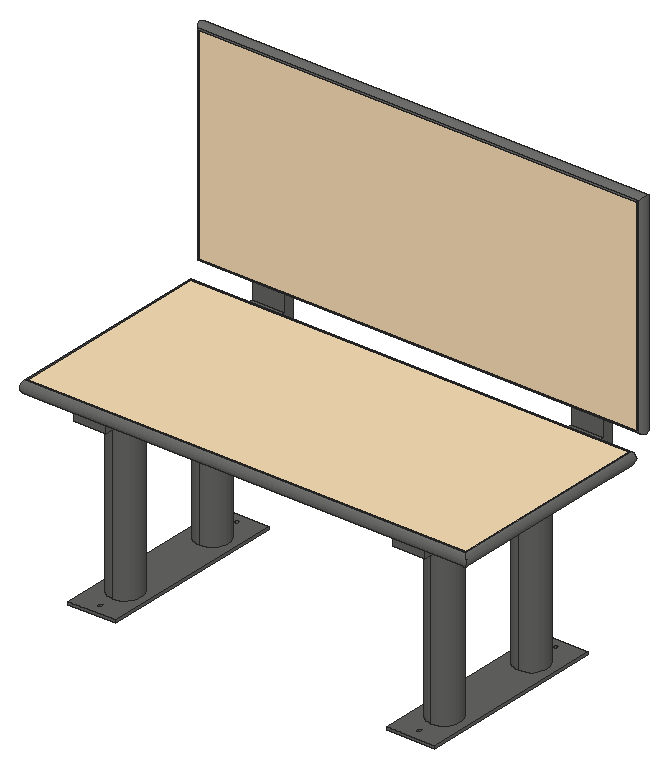
Revit family "Locker_Benches_ADA-Salsbury_Industries-Designer_Wood_77780D_Series", category Specialty Equipment, Revit 2016
Family settings
  Part Type = Normal
  Round Connector Dimension = Use Diameter
  OmniClass Number = 23.40.00.00
  OmniClass Title = Equipment and Furnishings
  Work Plane-Based = No
  Always vertical = Yes
  Cut with Voids When Loaded = No
  Shared = No
  Room Calculation Point = No
Parameters (values of type "77781D-ADAB")
  Width = 42.000"
  Version = "1.0 (11/16/18)"
  URL = "www.lockers.com"
  Type Comments = "Designer Wood Locker Bench with Back Support"
  Trim Material = Rubber Trim - Salsbury Finish - Black
  Secondary Material = Melamine - Salsbury Finish - White
  Seat Height [instance] = 18.000"
  Seat Depth = 20.000"
  Pedestal Top Plate = no
  Pedestal Material = Aluminum - Salsbury Finish - Black Satin
  Primary Material [instance] = Wood Laminate - Salsbury Finish - Maple with Industrial Grade Particleboard Underlay
  Pedestal Height Offset = 15.813"
  OmniClass 23 Title = "Equipment and Furnishings"
  OmniClass 23 Number = "23.40.00.00"
  Model = "77781D-ADAB"
  MasterFormat Title = "Locker Room Benches"
  MasterFormat Number = "10 51 53"
  Manufacturer = "Salsbury Industries"
  Height = 39.000"
  Description = "Americans with Disabilities Act (ADA) compliant"
  Depth = 23.000"
  Back Support = yes
  Assembly Code = "C1030310"
  ADA Guidelines = "https://www.lockers.com/ada-lockers/"
Types (5): name | Width | Type Comments | Pedestal Top Plate | Pedestal Height Offset | Model | Height | Depth | Back Support
  (no name) | 42.000" | "Designer Wood Locker Bench with Back Support" | no | 15.813" | "77781D-ADAB" | 39.000" | 23.000" | yes
  77781D-ADA | 42.000" | "Designer Wood Locker Bench" | yes | 16.5625" | "77781D-ADA" | 18.000" | 20.000" | no
  77781D-ADAB | 42.000" | "Designer Wood Locker Bench with Back Support" | no | 15.813" | "77781D-ADAB" | 39.000" | 23.000" | yes
  77782D-ADAB | 48.000" | "Designer Wood Locker Bench with Back Support" | no | 15.813" | "77782D-ADAB" | 39.000" | 23.000" | yes
  77782D-ADA | 48.000" | "Designer Wood Locker Bench" | yes | 16.5625" | "77782D-ADA" | 18.000" | 20.000" | no
Reference planes (in)
  plane 1 "Center (Front/Back)": y = 0
  plane 2 "Floor": z = 0
  plane 3 "Center (Left/Right)": x = 0
  plane 4 "Front Side of Bench": y = -10
  plane 5 "Back Side of Bench": y = 10
  plane 6 "Right Side of Bench": x = 21
  plane 7 "Left Side of Bench": x = -21
  plane 8 "Top of Bench": z = 18
  plane 9: z = 16.8125
  plane 10: y = -4.2349
  plane 11: z = 17.9375
  plane 12 "Left Side of Trim Curve": x = -20.75
  plane 13 "Right Side of Trim Curve": x = 20.75
  plane 14 "Back of Trim Curve": y = -9.75
  plane 15 "Front of Trim Curve": y = 9.75
  plane 16 "Left Side of PLAM": x = -20.625
  plane 17 "Right Side of PLAM": x = 20.625
  plane 18: y = 9.375
  plane 19: y = -9.375
  plane 20 "Left Pedestal Center": x = -15
  plane 21 "Right Pedestal Center": x = 15
  plane 22: x = -17.25
  plane 23: x = -12.75
  plane 24: x = 12.75
  plane 25: x = 17.25
  plane 26: y = 9.25
  plane 27: y = -9.25
  plane 28: y = 9
  plane 29: y = -9
  plane 30 "Top of Bottom Pedestal Plate": z = 0.25
  plane 31 "Bottom of Top Pedestal Plate": z = 16.5625
  plane 32: y = -8
  plane 33: y = 8
  plane 34: x = -16.187
  plane 35: x = -13.813
  plane 36: x = 13.813
  plane 37: x = 16.187
  plane 38: x = -16.50135
  plane 39: x = -13.5
  plane 40: x = 13.5
  plane 41: x = 16.5
  plane 42: y = -6.625
  plane 43: y = -3.62669
  plane 44 "Front of PLAM": y = 9.625
  plane 45 "Back of PLAM": y = -9.625
  plane 46 "White Melamine Edge": z = 16.8435
  plane 47 "Left Edge of Support": x = -12.5
  plane 48 "Right Edge of Support": x = 12.5
  plane 49: y = -7.375
  plane 50: y = -2.875
  plane 51: z = 15.3125
  plane 52: y = -6.875
  plane 53: y = -3.375
  plane 54: y = -7.344
  plane 55: y = -2.906
  plane 56: y = -3.344
  plane 57: y = -6.906
  plane 58: z = 15.3435
  plane 59: z = 16.7815
  plane 60: y = 5.125
  plane 61: y = -5.125
  plane 62: y = 2.875
  plane 63: y = 7.375
  plane 64: y = 3.375
  plane 65: y = 6.875
  plane 66: y = 2.906
  plane 67: y = 7.344
  plane 68: y = 6.906
  plane 69: y = 3.344
  plane 70 "Pedestal Height Offset Plane": z = 15.813
  plane 71: z = 15.8125
  plane 72 "Top of Back Support Pedestal": z = 37.8125
  plane 73: y = 12.75
  plane 74 "Back of Back Support": y = 11.75
  plane 75 "Top of Back Support Panel": z = 39
  plane 76 "Front of Back Support Panel": y = 10.562
  plane 77: y = 11.719
  plane 78: z = 38.75
  plane 79 "Top of PLAM": z = 38.625
  plane 80 "Bottom of Back Support": z = 19
  plane 81 "Bottom of PLAM": z = 19.375
  plane 82: z = 20.188
  plane 83 "Back of Stiffener": y = 11.781
  plane 84: z = 36
  plane 85: z = 22
  plane 86: y = 3.62497
  plane 87: y = 6.62328
  plane 88: z = 39
  plane 89: y = 13
Forms (in)
  Extrusion 1, solid, material "Aluminum - Salsbury Finish - Black Satin" <- "Pedestal Material"
    sketch origin (0, 0, 0) x (1, 0, 0) y (0, 1, 0)
      loop
        line (-17.25, 9) -> (-17.25, -9) -> (-12.75, -9) -> (-12.75, 9) -> (-17.25, 9)
    from 0 to 0.25
  Extrusion 2, solid, material "Aluminum - Salsbury Finish - Black Satin" <- "Pedestal Material", visible <- "Pedestal Top Plate"
    sketch origin (0, 0, 16.5625) x (0, -1, 0) y (1, 0, 0)
      loop
        line (-9.25, -17.25) -> (9.25, -17.25) -> (9.25, -12.75) -> (-9.25, -12.75) -> (-9.25, -17.25)
    from 0 to 0.25
  Extrusion 3, solid, material "Aluminum - Salsbury Finish - Black Satin" <- "Pedestal Material"
    sketch origin (0, 0, 0.25) x (0, -1, 0) y (1, 0, 0)
      loop
        circle (-5.125, -15) r 1.5
      loop
        circle (5.125, -15) r 1.5
    from 0 to 15.563
  Extrusion 4, solid, material "Aluminum - Salsbury Finish - Black Satin" <- "Pedestal Material"
    sketch origin (0, 0, 0) x (-1, 0, 0) y (0, -1, 0)
      loop
        line (-17.25, -9) -> (-12.75, -9) -> (-12.75, 9) -> (-17.25, 9) -> (-17.25, -9)
    from 0 to 0.25
  Extrusion 5, solid, material "Aluminum - Salsbury Finish - Black Satin" <- "Pedestal Material", visible <- "Pedestal Top Plate"
    sketch origin (0, 0, 16.5625) x (0, -1, 0) y (1, 0, 0)
      loop
        line (-9.25, 17.25) -> (-9.25, 12.75) -> (9.25, 12.75) -> (9.25, 17.25) -> (-9.25, 17.25)
    from 0 to 0.25
  Extrusion 6, solid, material "Aluminum - Salsbury Finish - Black Satin" <- "Pedestal Material"
    sketch origin (0, 0, 0.25) x (0, -1, 0) y (1, 0, 0)
      loop
        circle (-5.125, 15) r 1.5
      loop
        circle (5.125, 15) r 1.5
    from 0 to 15.563
  Extrusion 7, void
    sketch origin (0, 0, 0) x (1, 0, 0) y (0, 1, 0)
      loop
        circle (-15, 8) r 0.188
      loop
        circle (-15, -8) r 0.188
    from 0 to 0.25
  Extrusion 8, void
    sketch origin (0, 0, 0) x (-1, 0, 0) y (0, -1, 0)
      loop
        circle (-15, -8) r 0.188
      loop
        circle (-15, 8) r 0.188
    from 0 to 0.25
  Sweep 9, solid, material "Rubber Trim - Salsbury Finish - Black" <- "Trim Material"
    path origin (0, 0, 18) x (0, -1, 0) y (1, 0, 0)
      loop
        line (10, -21) -> (10, 21) -> (-10, 21) -> (-10, -21) -> (10, -21)
    profile origin (-21, 0, 18) x (-1, 0, 0) y (0, 0, 1)
      loop
        line (-0.375, 0) -> (-0.375, -1.1875) -> (-0.25, -1.1875)
        arc (-0.25, -1.1875) -> (0.00021, -0.59375) -> (-0.25, 0) r 0.8296
        line (-0.25, 0) -> (-0.375, 0)
  Extrusion 10, solid, material "Melamine - Salsbury Finish - White" <- "Secondary Material"
    sketch origin (0, 0, 16.8435) x (1, 0, 0) y (0, 1, 0)
      loop
        line (-20.625, 9.625) -> (-20.625, -9.625) -> (20.625, -9.625) -> (20.625, 9.625) -> (-20.625, 9.625)
    from 0 to -0.031
  Extrusion 11, solid, material "Wood Laminate - Salsbury Finish - Maple with Industrial Grade Particleboard Underlay" <- "Primary Material"
    sketch origin (0, 0, 18) x (0, -1, 0) y (1, 0, 0)
      loop
        line (-9.625, -20.625) -> (9.625, -20.625) -> (9.625, 20.625) -> (-9.625, 20.625) -> (-9.625, -20.625)
    from -1.1565 to 0
  Extrusion 12, solid, material "Aluminum - Salsbury Finish - Black Satin" <- "Pedestal Material", detail levels medium+fine
    sketch origin (-12.5, -0.09375, 0) x (0, -1, 0) y (0, 0, 1)
      loop
        line (7.28125, 16.8125) -> (2.78125, 16.8125) -> (2.78125, 15.3125) -> (3.28125, 15.3125) -> (3.28125, 15.3435) -> (2.81225, 15.3435) -> (2.81225, 16.7815) -> (7.25025, 16.7815) -> (7.25025, 15.3435) -> (6.78125, 15.3435) -> (6.78125, 15.3125) -> (7.28125, 15.3125) -> (7.28125, 16.8125)
    from -25 to 0
  Extrusion 13, solid, material "Aluminum - Salsbury Finish - Black Satin" <- "Pedestal Material", detail levels medium+fine
    sketch origin (-12.5, 10.15625, 0) x (0, -1, 0) y (0, 0, 1)
      loop
        line (7.28125, 16.8125) -> (2.78125, 16.8125) -> (2.78125, 15.3125) -> (3.28125, 15.3125) -> (3.28125, 15.3435) -> (2.81225, 15.3435) -> (2.81225, 16.7815) -> (7.25025, 16.7815) -> (7.25025, 15.3435) -> (6.78125, 15.3435) -> (6.78125, 15.3125) -> (7.28125, 15.3125) -> (7.28125, 16.8125)
    from -25 to 0
  Extrusion 14, solid, material "Aluminum - Salsbury Finish - Black Satin" <- "Pedestal Material", visible <- "Back Support"
    sketch origin (15, 0, 0) x (0, -1, 0) y (0, 0, 1)
      loop
        line (9.25, 16.8125) -> (-11.75, 16.8125) -> (-11.75, 37.8125) -> (-12.75, 37.8125) -> (-12.75, 15.8125) -> (9.25, 15.8125) -> (9.25, 16.8125)
    from -1.5 to 1.5
  Extrusion 15, solid, material "Aluminum - Salsbury Finish - Black Satin" <- "Pedestal Material", visible <- "Back Support"
    sketch origin (-15, 0, 0) x (0, -1, 0) y (0, 0, 1)
      loop
        line (9.25, 16.8125) -> (-11.75, 16.8125) -> (-11.75, 37.8125) -> (-12.75, 37.8125) -> (-12.75, 15.8125) -> (9.25, 15.8125) -> (9.25, 16.8125)
    from -1.5 to 1.5
  Sweep 16, solid, material "Rubber Trim - Salsbury Finish - Black" <- "Trim Material", visible <- "Back Support"
    path origin (0, 10.562, 0) x (0, 0, -1) y (1, 0, 0)
      loop
        line (-39, -21) -> (-19, -21) -> (-19, 21) -> (-39, 21) -> (-39, -21)
    profile origin (0, 10.562, 39) x (0, 0, 1) y (0, -1, 0)
      loop
        line (-0.25, 0) -> (-0.375, 0) -> (-0.375, -1.188) -> (-0.25, -1.188)
        arc (-0.25, -1.188) -> (0.00048, -0.594) -> (-0.25, 0) r 0.82955
  Extrusion 17, solid, material "Wood Laminate - Salsbury Finish - Maple with Industrial Grade Particleboard Underlay" <- "Primary Material", visible <- "Back Support"
    sketch origin (0, 10.562, 0) x (0, 0, -1) y (1, 0, 0)
      loop
        line (-38.625, -20.625) -> (-19.375, -20.625) -> (-19.375, 20.625) -> (-38.625, 20.625) -> (-38.625, -20.625)
    from -1.157 to 0
  Extrusion 18, solid, material "Melamine - Salsbury Finish - White" <- "Secondary Material", visible <- "Back Support"
    sketch origin (0, 11.75, 0) x (0, 0, -1) y (1, 0, 0)
      loop
        line (-38.625, -20.625) -> (-19.375, -20.625) -> (-19.375, 20.625) -> (-38.625, 20.625) -> (-38.625, -20.625)
    from 0 to 0.031
  Extrusion 19, solid, material "Aluminum - Salsbury Finish - Black Satin" <- "Pedestal Material", visible <- "Back Support", detail levels medium+fine
    sketch origin (0, 11.75, 0) x (0, 0, -1) y (1, 0, 0)
      loop
        line (-36, -12.5) -> (-22, -12.5) -> (-22, 12.5) -> (-36, 12.5) -> (-36, -12.5)
    from 0 to -0.031
Cuts and joins
  Extrusion 7, Extrusion 8 cuts Extrusion 1
  Extrusion 8 cuts Extrusion 4
Lines and regions (in)
  symbolic lines
    curve 1: line (-21, 0, 18) -> (21, 0, 18)
    curve 2: line (-21, 0, 16.8125) -> (-21, 0, 18)
    curve 3: line (21, 0, 16.8125) -> (-21, 0, 16.8125)
    curve 4: line (21, 0, 18) -> (21, 0, 16.8125)
    curve 7: line (-17.25, 0, 0.25) -> (-12.75, 0, 0.25)
    curve 8: line (-17.25, 0, 0) -> (-17.25, 0, 0.25)
    curve 9: line (-12.75, 0, 0) -> (-17.25, 0, 0)
    curve 10: line (-12.75, 0, 0.25) -> (-12.75, 0, 0)
    curve 11: line (-16.50135, 0, 0.25) -> (-16.50135, 0, 15.813)
    curve 12: line (-13.5, 0, 0.25) -> (-13.5, 0, 15.813)
    curve 14: line (12.75, 0, 0.25) -> (17.25, 0, 0.25)
    curve 15: line (12.75, 0, 0) -> (12.75, 0, 0.25)
    curve 16: line (17.25, 0, 0) -> (12.75, 0, 0)
    curve 17: line (17.25, 0, 0.25) -> (17.25, 0, 0)
    curve 18: line (16.5, 0, 0.25) -> (16.5, 0, 15.813)
    curve 19: line (21, -10, 18) -> (21, 10, 18)
    curve 20: line (21, -10, 16.8125) -> (21, -10, 18)
    curve 21: line (21, 10, 16.8125) -> (21, -10, 16.8125)
    curve 22: line (21, 10, 18) -> (21, 10, 16.8125)
    curve 26: line (21, -9, 0.25) -> (21, 9, 0.25)
    curve 27: line (21, -9, 0) -> (21, -9, 0.25)
    curve 28: line (21, 9, 0) -> (21, -9, 0)
    curve 29: line (21, 9, 0.25) -> (21, 9, 0)
    curve 30: line (21, -3.62669, 0.25) -> (21, -3.62669, 15.813)
    curve 31: line (21, -6.625, 0.25) -> (21, -6.625, 15.813)
    curve 32: line (-21, 10, 18) -> (21, 10, 18)
    curve 33: line (-21, -10, 18) -> (-21, 10, 18)
    curve 34: line (21, -10, 18) -> (-21, -10, 18)
    curve 35: line (21, 10, 18) -> (21, -10, 18)
    curve 36: line (13.5, 0, 0.25) -> (13.5, 0, 15.813)
    curve 63: line (15, 3.62497, 15.813) -> (15, 3.62497, 0.25)
    curve 64: line (15, 6.62328, 15.813) -> (15, 6.62328, 0.25)
  symbolic lines, visible <- "Pedestal Top Plate"
    curve 5: line (-17.25, 0, 16.8125) -> (-17.25, 0, 15.813)
    curve 6: line (-12.75, 0, 15.813) -> (-12.75, 0, 16.8125)
    curve 13: line (17.25, 0, 16.8125) -> (17.25, 0, 15.813)
    curve 23: line (21, -9.25, 15.813) -> (21, -9.25, 16.8125)
    curve 24: line (21, 9.25, 15.813) -> (21, -9.25, 15.813)
    curve 25: line (21, 9.25, 16.8125) -> (21, 9.25, 15.813)
    curve 37: line (-12.75, 0, 15.813) -> (-17.25, 0, 15.813)
    curve 38: line (12.75, 0, 16.8125) -> (12.75, 0, 15.813)
    curve 39: line (12.75, 0, 15.813) -> (17.25, 0, 15.813)
  symbolic lines, visible <- "Back Support"
    curve 40: line (-21, 11.75, 39) -> (21, 11.75, 39)
    curve 41: line (-21, 11.75, 19) -> (-21, 11.75, 39)
    curve 42: line (21, 11.75, 19) -> (-21, 11.75, 19)
    curve 43: line (21, 11.75, 39) -> (21, 11.75, 19)
    curve 44: line (-16.50135, 11.75, 15.8125) -> (-16.50135, 11.75, 16.8125)
    curve 45: line (-13.5, 11.75, 15.8125) -> (-16.50135, 11.75, 15.8125)
    curve 46: line (-13.5, 11.75, 16.8125) -> (-13.5, 11.75, 15.8125)
    curve 47: line (-16.50135, 11.75, 18) -> (-16.50135, 11.75, 19)
    curve 48: line (-13.5, 11.75, 19) -> (-13.5, 11.75, 18)
    curve 49: line (13.5, 11.75, 15.8125) -> (13.5, 11.75, 16.8125)
    curve 50: line (16.5, 11.75, 15.8125) -> (13.5, 11.75, 15.8125)
    curve 51: line (16.5, 11.75, 16.8125) -> (16.5, 11.75, 15.8125)
    curve 52: line (13.5, 11.75, 18) -> (13.5, 11.75, 19)
    curve 53: line (16.5, 11.75, 19) -> (16.5, 11.75, 18)
    curve 54: line (15, -9.25, 16.8125) -> (15, -9.25, 15.8125)
    curve 55: line (15, -9.25, 15.8125) -> (15, 12.75, 15.8125)
    curve 56: line (15, 12.75, 15.8125) -> (15, 12.75, 37.8125)
    curve 57: line (15, 11.75, 37.8125) -> (15, 12.75, 37.8125)
    curve 58: line (15, 11.75, 39) -> (15, 11.75, 16.8125)
    curve 59: line (15, 11.75, 39) -> (15, 10.562, 39)
    curve 60: line (15, 10.562, 39) -> (15, 10.562, 19)
    curve 61: line (15, 10.562, 19) -> (15, 11.75, 19)
    curve 62: line (15, 10, 16.8125) -> (15, 11.75, 16.8125)
    curve 65: line (-21, 11.75, 18) -> (21, 11.75, 18)
    curve 66: line (-21, 10.562, 18) -> (-21, 11.75, 18)
    curve 67: line (21, 10.562, 18) -> (-21, 10.562, 18)
    curve 68: line (21, 11.75, 18) -> (21, 10.562, 18)
    curve 69: line (-13.5, 12.75, 18) -> (-13.5, 11.75, 18)
    curve 70: line (-16.50135, 12.75, 18) -> (-16.50135, 11.75, 18)
    curve 71: line (-16.50135, 12.75, 18) -> (-13.5, 12.75, 18)
    curve 72: line (-16.50135, 10.562, 18) -> (-16.50135, 10, 18)
    curve 73: line (-13.5, 10.562, 18) -> (-13.5, 10, 18)
    curve 74: line (13.5, 12.75, 18) -> (16.5, 12.75, 18)
    curve 75: line (13.5, 11.75, 18) -> (13.5, 12.75, 18)
    curve 76: line (16.5, 12.75, 18) -> (16.5, 11.75, 18)
    curve 77: line (13.5, 10.562, 18) -> (13.5, 10, 18)
    curve 78: line (16.5, 10.562, 18) -> (16.5, 10, 18)
Dimensions and locks (in)
  equal spacing: plane 7 "Left Side of Bench", plane 3 "Center (Left/Right)", plane 6 "Right Side of Bench"
  "Width": plane 7 "Left Side of Bench" to plane 6 "Right Side of Bench"
  equal spacing: plane 4 "Front Side of Bench", plane 1 "Center (Front/Back)", plane 5 "Back Side of Bench"
  "Depth": plane 4 "Front Side of Bench" to plane 89
  "Height": plane 88 to plane 2 "Floor"
  locked: plane 9 to plane 8 "Top of Bench" at 1.1875
  locked: plane 11 to plane 8 "Top of Bench" at 0.0625
  locked: plane 7 "Left Side of Bench" to plane 12 "Left Side of Trim Curve" at 0.25
  locked: plane 13 "Right Side of Trim Curve" to plane 6 "Right Side of Bench" at 0.25
  plane 4 "Front Side of Bench" to plane 14 "Back of Trim Curve" to plane 45 "Back of PLAM" = 0.250" locked, 0.125" locked
  plane 44 "Front of PLAM" to plane 15 "Front of Trim Curve" to plane 5 "Back Side of Bench" = 0.125" locked, 0.250" locked
  locked: plane 12 "Left Side of Trim Curve" to plane 16 "Left Side of PLAM" at 0.125
  locked: plane 17 "Right Side of PLAM" to plane 13 "Right Side of Trim Curve" at 0.125
  locked: plane 18 to plane 5 "Back Side of Bench" at 0.625
  locked: plane 4 "Front Side of Bench" to plane 19 at 0.625
  locked: plane 7 "Left Side of Bench" to plane 20 "Left Pedestal Center" at 6
  locked: plane 21 "Right Pedestal Center" to plane 6 "Right Side of Bench" at 6
  plane 24 to plane 21 "Right Pedestal Center" to plane 25 = 2.250" locked, 2.250" locked
  plane 22 to plane 20 "Left Pedestal Center" to plane 23 = 2.250" locked, 2.250" locked
  plane 27 to plane 1 "Center (Front/Back)" to plane 26 = 9.250" locked, 9.250" locked
  plane 29 to plane 1 "Center (Front/Back)" to plane 28 = 9.000" locked, 9.000" locked
  locked: plane 30 "Top of Bottom Pedestal Plate" to plane 2 "Floor" at 0.25
  locked: plane 9 to plane 31 "Bottom of Top Pedestal Plate" at 0.25
  locked: plane 33 to plane 28 at 1
  locked: plane 29 to plane 32 at 1
  locked: plane 22 to plane 34 at 1.063
  locked: plane 35 to plane 23 at 1.063
  locked: plane 24 to plane 36 at 1.063
  locked: plane 37 to plane 25 at 1.063
  locked: plane 22 to plane 38 at 0.74865
  locked: plane 39 to plane 23 at 0.75
  locked: plane 24 to plane 40 at 0.75
  locked: plane 41 to plane 25 at 0.75
  locked: plane 9 to plane 46 "White Melamine Edge" at 0.031
  locked: plane 23 to plane 47 "Left Edge of Support" at 0.25
  locked: plane 48 "Right Edge of Support" to plane 24 at 0.25
  plane 49 to plane 61 to plane 50 = 2.250" locked, 2.250" locked
  locked: plane 51 to plane 9 at 1.5
  locked: plane 49 to plane 52 at 0.5
  locked: plane 53 to plane 50 at 0.5
  locked: plane 51 to plane 58 at 0.031
  locked: plane 55 to plane 50 at 0.031
  locked: plane 53 to plane 56 at 0.031
  locked: plane 49 to plane 54 at 0.031
  locked: plane 57 to plane 52 at 0.031
  locked: plane 59 to plane 9 at 0.031
  locked: plane 60 to plane 28 at 3.875
  locked: plane 29 to plane 61 at 3.875
  plane 62 to plane 60 to plane 63 = 2.250" locked, 2.250" locked
  locked: plane 62 to plane 64 at 0.5
  locked: plane 65 to plane 63 at 0.5
  locked: plane 67 to plane 63 at 0.031
  locked: plane 65 to plane 68 at 0.031
  locked: plane 62 to plane 66 at 0.031
  locked: plane 69 to plane 64 at 0.031
  "Pedestal Height Offset": plane 70 "Pedestal Height Offset Plane" to plane 2 "Floor"
  locked: plane 71 to plane 9 at 1
  locked: plane 27 to plane 73 at 22
  locked: plane 74 "Back of Back Support" to plane 73 at 1
  locked: plane 76 "Front of Back Support Panel" to plane 74 "Back of Back Support" at 1.188
  locked: plane 77 to plane 74 "Back of Back Support" at 0.031
  plane 75 "Top of Back Support Panel" to plane 78 to plane 79 "Top of PLAM" = 0.250" locked, 0.125" locked
  plane 82 to plane 81 "Bottom of PLAM" to plane 80 "Bottom of Back Support" = 0.813" locked, 0.375" locked
  locked: plane 74 "Back of Back Support" to plane 83 "Back of Stiffener" at 0.031
  plane 75 "Top of Back Support Panel" to plane 84 = 3.000"
  plane 85 to plane 80 "Bottom of Back Support" = 3.000"
  curve 60 to curve 58 = 1.188"
  "Seat Height": plane 8 "Top of Bench" to plane 2 "Floor"
  locked: plane 72 "Top of Back Support Pedestal" to plane 75 "Top of Back Support Panel" at 1.1875
  "Seat Depth": plane 4 "Front Side of Bench" to plane 5 "Back Side of Bench"
  aligned and locked: plane 2 "Floor" to level
  aligned and locked: plane 28 to Extrusion 1 sketch curve
  aligned and locked: Extrusion 1 sketch curve to plane 22
  aligned and locked: Extrusion 1 sketch curve to plane 29
  aligned and locked: Extrusion 1 sketch curve to plane 23
  aligned and locked: Extrusion 1 to plane 30 "Top of Bottom Pedestal Plate"
  aligned and locked: Extrusion 1 to plane 2 "Floor"
  aligned and locked: Extrusion 2 sketch curve to plane 26
  aligned and locked: Extrusion 2 sketch curve to plane 22
  aligned and locked: plane 27 to Extrusion 2 sketch curve
  aligned and locked: Extrusion 2 sketch curve to plane 23
  aligned and locked: plane 31 "Bottom of Top Pedestal Plate" to Extrusion 2
  aligned and locked: Extrusion 2 to plane 9
  aligned and locked: plane 20 "Left Pedestal Center" to Extrusion 3 sketch curve  (x2)
  aligned and locked: plane 30 "Top of Bottom Pedestal Plate" to Extrusion 3
  aligned and locked: Extrusion 4 sketch curve to plane 28
  aligned and locked: Extrusion 4 sketch curve to plane 24
  aligned and locked: Extrusion 4 sketch curve to plane 25
  aligned and locked: plane 29 to Extrusion 4 sketch curve
  aligned and locked: Extrusion 4 to plane 2 "Floor"
  aligned and locked: Extrusion 5 sketch curve to plane 24
  aligned and locked: Extrusion 5 sketch curve to plane 26
  aligned and locked: plane 27 to Extrusion 5 sketch curve
  aligned and locked: Extrusion 5 sketch curve to plane 25
  aligned and locked: Extrusion 5 to plane 9
  aligned and locked: plane 31 "Bottom of Top Pedestal Plate" to Extrusion 5
  aligned and locked: plane 21 "Right Pedestal Center" to Extrusion 6 sketch curve  (x2)
  aligned and locked: plane 33 to Extrusion 7 sketch curve
  aligned and locked: plane 32 to Extrusion 7 sketch curve
  aligned and locked: Extrusion 7 to plane 30 "Top of Bottom Pedestal Plate"
  aligned and locked: Extrusion 7 to plane 2 "Floor"
  aligned and locked: Extrusion 8 to plane 2 "Floor"
  aligned and locked: Extrusion 8 to plane 30 "Top of Bottom Pedestal Plate"
  aligned and locked: plane 33 to Extrusion 8 sketch curve
  aligned and locked: plane 32 to Extrusion 8 sketch curve
  aligned and locked: plane 30 "Top of Bottom Pedestal Plate" to Extrusion 6
  aligned and locked: curve 2 to plane 7 "Left Side of Bench"
  aligned and locked: plane 6 "Right Side of Bench" to curve 4
  aligned and locked: plane 8 "Top of Bench" to curve 1
  aligned and locked: curve 3 to plane 9
  aligned and locked: plane 22 to curve 5
  aligned and locked: plane 2 "Floor" to curve 9
  aligned and locked: plane 23 to curve 10
  aligned and locked: plane 30 "Top of Bottom Pedestal Plate" to curve 7
  aligned and locked: curve 8 to plane 22
  aligned and locked: plane 30 "Top of Bottom Pedestal Plate" to curve 11
  aligned and locked: curve 11 to plane 38
  aligned and locked: curve 12 to plane 39
  aligned and locked: plane 25 to curve 13
  aligned and locked: plane 2 "Floor" to curve 16
  aligned and locked: curve 15 to plane 24
  aligned and locked: plane 25 to curve 17
  aligned and locked: plane 30 "Top of Bottom Pedestal Plate" to curve 14
  aligned and locked: curve 18 to plane 41
  aligned and locked: plane 5 "Back Side of Bench" to curve 22
  aligned and locked: curve 20 to plane 4 "Front Side of Bench"
  aligned and locked: plane 26 to curve 25
  aligned and locked: curve 23 to plane 27
  aligned and locked: plane 2 "Floor" to curve 28
  aligned and locked: plane 28 to curve 29
  aligned and locked: curve 27 to plane 29
  aligned and locked: plane 30 "Top of Bottom Pedestal Plate" to curve 30
  aligned and locked: plane 30 "Top of Bottom Pedestal Plate" to curve 31
  aligned and locked: plane 8 "Top of Bench" to curve 19
  aligned and locked: curve 21 to plane 9
  aligned and locked: Sweep 9 sketch curve to plane 9
  aligned and locked: Sweep 9 sketch curve to plane 8 "Top of Bench"
  aligned and locked: plane 16 "Left Side of PLAM" to Sweep 9 sketch curve
  aligned and locked: Sweep 9 sketch curve to plane 5 "Back Side of Bench"
  aligned and locked: Sweep 9 sketch curve to plane 7 "Left Side of Bench"
  aligned and locked: Sweep 9 sketch curve to plane 6 "Right Side of Bench"
  aligned and locked: Sweep 9 sketch curve to plane 4 "Front Side of Bench"
  aligned and locked: Extrusion 10 sketch curve to plane 45 "Back of PLAM"
  aligned and locked: Extrusion 10 sketch curve to plane 17 "Right Side of PLAM"
  aligned and locked: plane 44 "Front of PLAM" to Extrusion 10 sketch curve
  aligned and locked: Extrusion 10 sketch curve to plane 16 "Left Side of PLAM"
  aligned and locked: Extrusion 10 to plane 46 "White Melamine Edge"
  aligned and locked: plane 9 to Extrusion 10
  aligned and locked: Extrusion 11 sketch curve to plane 45 "Back of PLAM"
  aligned and locked: Extrusion 11 sketch curve to plane 17 "Right Side of PLAM"
  aligned and locked: plane 44 "Front of PLAM" to Extrusion 11 sketch curve
  aligned and locked: Extrusion 11 sketch curve to plane 16 "Left Side of PLAM"
  aligned and locked: Extrusion 11 to plane 46 "White Melamine Edge"
  aligned and locked: Extrusion 11 to plane 8 "Top of Bench"
  aligned and locked: plane 9 to Extrusion 12 sketch curve
  aligned and locked: plane 51 to Extrusion 12 sketch curve  (x2)
  aligned and locked: plane 50 to Extrusion 12 sketch curve
  aligned and locked: Extrusion 12 sketch curve to plane 49
  aligned and locked: plane 53 to Extrusion 12 sketch curve
  aligned and locked: Extrusion 12 sketch curve to plane 58
  aligned and locked: plane 55 to Extrusion 12 sketch curve
  aligned and locked: plane 59 to Extrusion 12 sketch curve
  aligned and locked: Extrusion 12 sketch curve to plane 54
  aligned and locked: plane 52 to Extrusion 12 sketch curve
  aligned and locked: plane 58 to Extrusion 12 sketch curve
  aligned and locked: plane 47 "Left Edge of Support" to Extrusion 12
  aligned and locked: Extrusion 12 to plane 48 "Right Edge of Support"
  aligned and locked: curve 34 to plane 4 "Front Side of Bench"
  aligned and locked: plane 6 "Right Side of Bench" to curve 35
  aligned and locked: curve 33 to plane 7 "Left Side of Bench"
  aligned and locked: plane 20 "Left Pedestal Center" to Extrusion 7 sketch curve  (x2)
  aligned and locked: plane 21 "Right Pedestal Center" to Extrusion 8 sketch curve  (x2)
  aligned and locked: plane 60 to Extrusion 3 sketch curve
  aligned and locked: plane 61 to Extrusion 3 sketch curve
  aligned and locked: plane 60 to Extrusion 6 sketch curve
  aligned and locked: plane 61 to Extrusion 6 sketch curve
  aligned and locked: plane 63 to Extrusion 13 sketch curve
  aligned and locked: Extrusion 13 sketch curve to plane 62
  aligned and locked: plane 65 to Extrusion 13 sketch curve
  aligned and locked: plane 67 to Extrusion 13 sketch curve
  aligned and locked: Extrusion 13 sketch curve to plane 66
  aligned and locked: plane 64 to Extrusion 13 sketch curve
  aligned and locked: Extrusion 13 to plane 47 "Left Edge of Support"
  aligned and locked: Extrusion 13 to plane 48 "Right Edge of Support"
  aligned and locked: Extrusion 6 to plane 70 "Pedestal Height Offset Plane"
  aligned and locked: Extrusion 3 to plane 70 "Pedestal Height Offset Plane"
  aligned and locked: plane 70 "Pedestal Height Offset Plane" to curve 12
  aligned and locked: plane 70 "Pedestal Height Offset Plane" to curve 18
  aligned and locked: plane 70 "Pedestal Height Offset Plane" to curve 11
  aligned and locked: plane 30 "Top of Bottom Pedestal Plate" to curve 36
  aligned and locked: plane 70 "Pedestal Height Offset Plane" to curve 36
  aligned and locked: curve 36 to plane 40
  aligned and locked: plane 23 to curve 37
  aligned and locked: plane 22 to curve 37
  aligned and locked: plane 9 to curve 38
  aligned and locked: plane 24 to curve 38
  aligned and locked: plane 24 to curve 39
  aligned and locked: plane 25 to curve 39
  aligned and locked: plane 27 to Extrusion 14 sketch curve
  aligned and locked: Extrusion 14 sketch curve to plane 71
  aligned and locked: Extrusion 14 sketch curve to plane 9
  aligned and locked: Extrusion 14 sketch curve to plane 73
  aligned and locked: plane 74 "Back of Back Support" to Extrusion 14 sketch curve
  aligned and locked: Extrusion 14 sketch curve to plane 72 "Top of Back Support Pedestal"
  aligned and locked: Extrusion 15 sketch curve to plane 72 "Top of Back Support Pedestal"
  aligned and locked: plane 74 "Back of Back Support" to Extrusion 15 sketch curve
  aligned and locked: Extrusion 15 sketch curve to plane 73
  aligned and locked: plane 27 to Extrusion 15 sketch curve
  aligned and locked: plane 71 to Extrusion 15 sketch curve
  aligned and locked: Extrusion 15 sketch curve to plane 9
  aligned and locked: plane 75 "Top of Back Support Panel" to Sweep 16 sketch curve
  aligned and locked: Sweep 16 sketch curve to plane 7 "Left Side of Bench"
  aligned and locked: plane 6 "Right Side of Bench" to Sweep 16 sketch curve
  aligned and locked: profile plane to Sweep 16 sketch curve
  aligned and locked: plane 79 "Top of PLAM" to Sweep 16 sketch curve
  aligned and locked: Sweep 16 sketch curve to plane 74 "Back of Back Support"
  aligned and locked: Sweep 16 sketch curve to plane 80 "Bottom of Back Support"
  aligned and locked: plane 79 "Top of PLAM" to Extrusion 17 sketch curve
  aligned and locked: Extrusion 17 sketch curve to plane 16 "Left Side of PLAM"
  aligned and locked: plane 17 "Right Side of PLAM" to Extrusion 17 sketch curve
  aligned and locked: Extrusion 17 to plane 77
  aligned and locked: plane 76 "Front of Back Support Panel" to Extrusion 17
  aligned and locked: Extrusion 17 sketch curve to plane 81 "Bottom of PLAM"
  aligned and locked: Extrusion 18 sketch curve to plane 16 "Left Side of PLAM"
  aligned and locked: plane 79 "Top of PLAM" to Extrusion 18 sketch curve
  aligned and locked: Extrusion 18 sketch curve to plane 81 "Bottom of PLAM"
  aligned and locked: plane 17 "Right Side of PLAM" to Extrusion 18 sketch curve
  aligned and locked: Extrusion 18 to plane 74 "Back of Back Support"
  aligned and locked: plane 77 to Extrusion 18
  aligned and locked: Extrusion 19 sketch curve to plane 47 "Left Edge of Support"
  aligned and locked: plane 48 "Right Edge of Support" to Extrusion 19 sketch curve
  aligned and locked: plane 74 "Back of Back Support" to Extrusion 19
  aligned and locked: Extrusion 19 to plane 83 "Back of Stiffener"
  aligned and locked: plane 84 to Extrusion 19 sketch curve
  aligned and locked: Extrusion 19 sketch curve to plane 85
  aligned and locked: curve 42 to plane 80 "Bottom of Back Support"
  aligned and locked: curve 41 to plane 7 "Left Side of Bench"
  aligned and locked: plane 6 "Right Side of Bench" to curve 43
  aligned and locked: plane 75 "Top of Back Support Panel" to curve 40
  aligned and locked: curve 45 to plane 71
  aligned and locked: curve 44 to plane 38
  aligned and locked: plane 39 to curve 46
  aligned and locked: curve 47 to plane 38
  aligned and locked: plane 39 to curve 48
  aligned and locked: curve 49 to plane 40
  aligned and locked: plane 41 to curve 51
  aligned and locked: curve 50 to plane 71
  aligned and locked: curve 52 to plane 40
  aligned and locked: plane 41 to curve 53
  aligned and locked: plane 9 to curve 54
  aligned and locked: plane 71 to curve 54
  aligned and locked: plane 27 to curve 54
  aligned and locked: plane 27 to curve 55
  aligned and locked: plane 71 to curve 56
  aligned and locked: plane 72 "Top of Back Support Pedestal" to curve 56
  aligned and locked: curve 56 to plane 73
  aligned and locked: plane 73 to curve 57
  aligned and locked: plane 74 "Back of Back Support" to curve 57
  aligned and locked: plane 72 "Top of Back Support Pedestal" to curve 57
  aligned and locked: plane 9 to curve 58
  aligned and locked: plane 74 "Back of Back Support" to curve 58
  aligned and locked: curve 59 to plane 75 "Top of Back Support Panel"
  aligned and locked: plane 75 "Top of Back Support Panel" to curve 60
  aligned and locked: plane 76 "Front of Back Support Panel" to curve 61
  aligned and locked: plane 80 "Bottom of Back Support" to curve 61
  aligned and locked: plane 5 "Back Side of Bench" to curve 62
  aligned and locked: plane 9 to curve 62
  aligned and locked: curve 31 to plane 42
  aligned and locked: curve 30 to plane 43
  aligned and locked: plane 30 "Top of Bottom Pedestal Plate" to curve 64
  aligned and locked: plane 30 "Top of Bottom Pedestal Plate" to curve 63
  aligned and locked: plane 70 "Pedestal Height Offset Plane" to curve 64
  aligned and locked: plane 70 "Pedestal Height Offset Plane" to curve 63
  aligned and locked: curve 63 to plane 86
  aligned and locked: curve 64 to plane 87
  aligned and locked: curve 67 to plane 76 "Front of Back Support Panel"
  aligned and locked: curve 66 to plane 7 "Left Side of Bench"
  aligned and locked: plane 6 "Right Side of Bench" to curve 68
  aligned and locked: plane 73 to curve 69
  aligned and locked: plane 74 "Back of Back Support" to curve 69
  aligned and locked: plane 39 to curve 69
  aligned and locked: plane 74 "Back of Back Support" to curve 70
  aligned and locked: plane 38 to curve 70
  aligned and locked: plane 73 to curve 71
  aligned and locked: plane 38 to curve 72
  aligned and locked: plane 39 to curve 73
  aligned and locked: plane 73 to curve 74
  aligned and locked: plane 41 to curve 76
  aligned and locked: curve 75 to plane 40
  aligned and locked: plane 76 "Front of Back Support Panel" to curve 78
  aligned and locked: plane 5 "Back Side of Bench" to curve 78
  aligned and locked: plane 5 "Back Side of Bench" to curve 77
  aligned and locked: plane 41 to curve 78
  aligned and locked: plane 40 to curve 77
  aligned and locked: plane 70 "Pedestal Height Offset Plane" to curve 31
  aligned and locked: plane 70 "Pedestal Height Offset Plane" to curve 30
Automatic sketch dimensions
  Sweep 9 sketch curve to Sweep 9 sketch curve = 0.45439"
  Sweep 9 sketch curve to Sweep 9 sketch curve = 0.125"  (x2)
  Sweep 16 sketch curve to Sweep 16 sketch curve = 0.45407"
  Sweep 16 sketch curve to Sweep 16 sketch curve = 0.125"  (x2)
  plane 51 to Extrusion 13 sketch curve = 0.000"  (x2)
  plane 58 to Extrusion 13 sketch curve = 0.000"  (x2)
  plane 59 to Extrusion 13 sketch curve = 0.000"
  plane 9 to Extrusion 13 sketch curve = 0.000"
  curve 52 to plane 8 "Top of Bench" = 0.000"
  curve 48 to plane 8 "Top of Bench" = 0.000"
  curve 47 to plane 8 "Top of Bench" = 0.000"
  curve 53 to plane 8 "Top of Bench" = 0.000"
  curve 46 to plane 9 = 0.000"
  curve 51 to plane 9 = 0.000"
  curve 44 to plane 9 = 0.000"
  curve 49 to plane 9 = 0.000"
  radius of Extrusion 3 sketch curve = 1.500"  (x2)
  radius of Extrusion 6 sketch curve = 1.500"  (x2)
  radius of Extrusion 7 sketch curve = 0.188"  (x2)
  radius of Extrusion 8 sketch curve = 0.188"  (x2)
